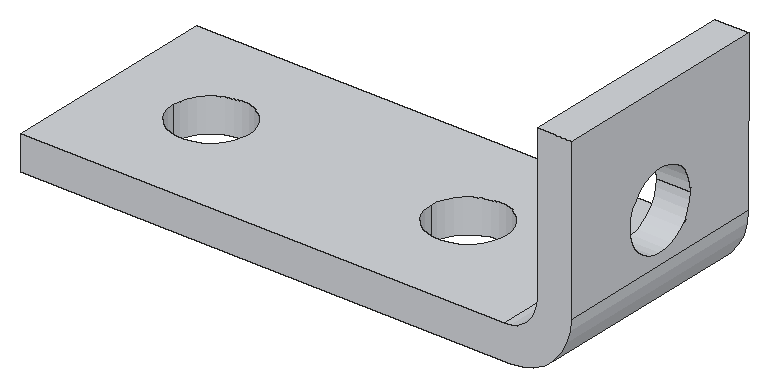
Revit family "Fitting-Ninety_Degree_Angle-Unistrut-P1326", category Specialty Equipment, Revit 2012
Parameters
  ecoScorecard_data = "http://products.ecoscorecard.com/atkore/P1326"
  ecoScorecard Product Page = "http://products.ecoscorecard.com/atkore/P1326?action=html"
  Weight Per Piece = 0.58 lbf
  Unit = none
  Unistrut Part Number = "P1326"  # constant formula
  URL = "http://unistrut.us/index.php"
  Thickness = 0' - 0 1/4"
  Subcategory = "Nintey Degree Angle Fittings"
  Product Page URL = "http://unistrut.us/index.php?WP=cat_detail&S=S05&P=P1326"
  Power Strut Part Number = "PS 606"  # constant formula
  Part Type = "Fitting"  # constant formula
  Overall Width = 0' - 1 5/8"
  Overall Length = 0' - 1 5/8"
  Overall Height = 0' - 4 1/16"
  Model = "P1326"
  Material = ""
  Manufacturer Phone - Toll Free = "800-882-5543"  # constant formula
  Manufacturer Phone = "708-339-1610"  # constant formula
  Manufacturer Fax = "708-339-7814"  # constant formula
  Manufacturer Email = "mailto:jshaw@atkore.com"
  Manufacturer Address = "16100 South Lathrop Avenue, Harvey, IL 60426"  # constant formula
  Manufacturer = "Unistrut by Atkore International"  # constant formula
  Load Capacity Note = "Visit the product page for load application and capacity."  # constant formula
  Literature URL = "http://unistrut.us/index.php?WP=LItLibrary"
  Hole Radius = 0' 0 9/16" / 2  # 0' - 0 9/32"
  Hole Diameter = 0' - 0 9/16"
  Default Elevation = 4' - 0"
  Cost Info = "mailto:jshaw@atkore.com"
  Category = "Specialty Equipment"  # constant formula
  CAD URL = "http://unistrut.us/index.php?WP=CAD3d"
  Assembly Code = "D5020100"
  95 CSI = "16070"  # constant formula
  04 CSI = "26 05 48"  # constant formula
Reference planes (in)
  plane 1 "Center (Front/Back)": y = 0
  plane 2: z = 0
  plane 3 "Center (Left/Right)": x = 0
  plane 4: x = -1.27533
  plane 5: x = 0.62051
  plane 6: z = 0.81289
Dimensions and locks (in)
  "Overall Height": nested 1 to nested 1
  "Overall Length": nested 1 to nested 1
  "Overall Width": nested 1 to plane 2
  "Thickness": nested 1 to nested 1  (x2)
  aligned and locked: level to plane 2
Nested families (in)
  nested 1: "Fitting" at (-0.25221, 0, 0), type "Fitting"
Definition of nested family "Fitting"
  Parameters (values of type "Fitting")
    ecoScorecard_data = "http://products.ecoscorecard.com/atkore/P2094"
    ecoScorecard Product Page = "http://products.ecoscorecard.com/atkore/P2094?action=html"
    Unit = none
    URL = "http://unistrut.us/index.php"
    Thickness = 0' - 0 1/4"
    Overall Width = 0' - 1 5/8"
    Overall Length = 0' - 1 5/8"
    Overall Height = 0' - 4 1/16"
    Model = "P2270"
    Material = ""
    Manufacturer = "Atkore International"  # constant formula
    Load Capacity Note = "Visit the product page for load application and capacity."  # constant formula
    Literature URL = "http://unistrut.us/index.php?WP=LItLibrary"
    Hole Radius = Hole Diameter / 2  # 0' - 0 9/32"
    Hole Diameter = 0' - 0 9/16"
    Default Elevation = 4' - 0"
    CAD URL = "http://unistrut.us/index.php?WP=CAD3d"
    Assembly Code = "D5020100"
    Angle = 85.50°
  Reference planes (in)
    plane 1 "Center (Front/Back)": y = 0
    plane 2: z = 0
    plane 3 "Center (Left/Right)": x = 0
    plane 4: z = 1.625
    plane 5: x = -1.77904
    plane 6: x = 2.28346
    plane 7: y = 0.8125
    plane 8: y = -0.8125
  Forms (in)
    Extrusion 1, solid, material <- "Unit"
      sketch origin (0, 0, 0) x (1, 0, 0) y (0, 0, 1)
        loop
          line (-1.77904, 0) -> (1.83286, 0)
          arc (1.83286, 0) -> (2.15148, 0.13198) -> (2.28346, 0.45061) r 0.45061
          line (2.28346, 0.45061) -> (2.28346, 1.625) -> (2.03346, 1.625) -> (2.03346, 0.5)
          arc (2.03346, 0.5) -> (1.96024, 0.32322) -> (1.78346, 0.25) r 0.25
          line (1.78346, 0.25) -> (-1.77904, 0.25) -> (-1.77904, 0)
      from -0.8125 to 0.8125
    Extrusion 2, void
      sketch origin (0, 0, 0) x (1, 0, 0) y (0, 1, 0)
        loop
          circle (-1.02312, 0) r 0.28125
        loop
          circle (0.87273, 0) r 0.28125
      from 0 to 0.25
    Extrusion 3, void
      sketch origin (0, 0, 0) x (0, 1, 0) y (0, 0, 1)
        loop
          circle (0, 0.81289) r 0.28125
      from 2.03346 to 2.28346
  Cuts and joins
    Extrusion 2, Extrusion 3 cuts Extrusion 1
  Dimensions and locks (in)
    plane 4 to level = 0' - 1 5/8"
    plane 5 to plane 6 = 0' - 4 1/16"
    equal spacing: plane 7, plane 1 "Center (Front/Back)", plane 8
    "Overall Length": plane 7 to plane 8
    cut or joined group of Extrusion 1, Extrusion 2, Extrusion 3 to plane 6 = 0' - 0 1/4"
    "Thickness": Extrusion 1 sketch curve to Extrusion 1 sketch curve  (x2)
    "Hole Radius": radius of Extrusion 3 sketch curve
    "Hole Radius": radius of Extrusion 2 sketch curve  (x2)
    aligned and locked: level to plane 2
    aligned and locked: plane 7 to cut or joined group of Extrusion 1, Extrusion 2, Extrusion 3
    aligned and locked: plane 8 to cut or joined group of Extrusion 1, Extrusion 2, Extrusion 3
    aligned and locked: Extrusion 1 to Extrusion 3
    aligned and locked: Extrusion 1 to Extrusion 2
    aligned and locked: Extrusion 2 to level
  Automatic sketch dimensions
    plane 1 "Center (Front/Back)" to Extrusion 2 sketch curve = 0' - 0"  (x2)
    Extrusion 2 sketch curve to plane 3 "Center (Left/Right)" = 0' - 1.02312"
    plane 3 "Center (Left/Right)" to Extrusion 2 sketch curve = 0' - 0.87273"
    Extrusion 3 sketch curve to plane 1 "Center (Front/Back)" = 0' - 0"
    Extrusion 3 sketch curve to plane 4 = 0' - 0.81211"
    plane 5 to Extrusion 1 sketch curve = 0' - 0"
    Extrusion 1 sketch curve to level = 0' - 0"
    Extrusion 1 sketch curve to plane 4 = 0' - 0"
    plane 6 to Extrusion 1 sketch curve = 0' - 0"
    Extrusion 1 sketch curve to Extrusion 1 sketch curve = 0' - 0 1/4"
    Extrusion 1 sketch curve to Extrusion 1 sketch curve = 0' - 0.04939"
